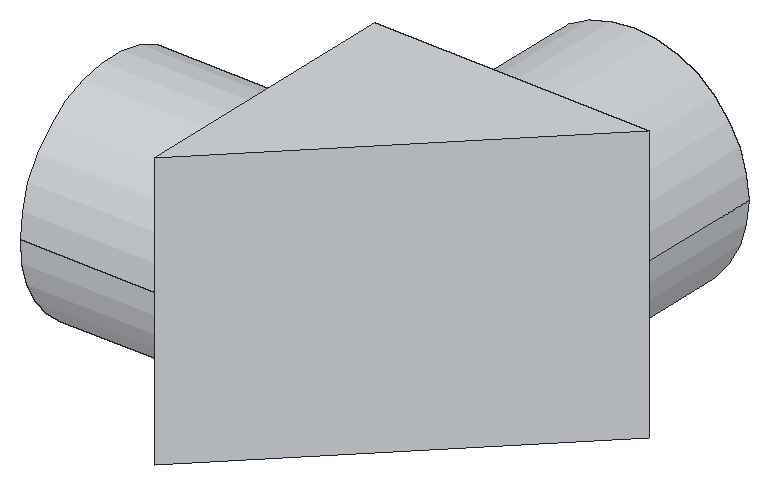
Revit family "f2c1e15bfb1a460bb15539b9372ec8c6", category Conduit Fittings, Revit 2021
Family settings
  Round Connector Dimension = Use Radius
  Part Type = Junction Box Elbow
  OmniClass Number = 23.80.30.17.11
  OmniClass Title = Conduits
  Work Plane-Based = No
  Always vertical = Yes
  Cut with Voids When Loaded = No
  Shared = No
Parameters (values of type "Standard")
  Nominal Radius [instance] = 1/4"
  Nominal Diameter [instance] = Nominal Radius * 2  # 1/2"
  Length 4 [instance] = Length 2 * cos(Angle)  # 0"
  Length 3 [instance] = Length 2 * sin(Angle)  # 1.296"
  Length 2 [instance] = Length 1 * 2  # 1.296"
  Length 1 [instance] = Fitting Outside Radius * 1.2  # 0.648"
  Fitting Outside Radius [instance] = Fitting Outside Diameter / 2  # 0.54"
  Fitting Outside Diameter [instance] = size_lookup(Conduit Size Lookup, "FOD", 1.06 * Nominal Diameter + 37/128", Nominal Diameter)  # 1.08"
  Default Elevation = 0' - 0"
  Conduit Size Lookup = "Conduit Pulling Elbow - PVC"
  Conduit Length [instance] = size_lookup(Conduit Size Lookup, "CLgt", 0.29 * Nominal Diameter + 91/128", Nominal Diameter)  # 0.719"
  Center to End [instance] = Conduit Length + Length 1 * tan(Angle / 2)  # 1.367"
  Angle [instance] = 90.00°
Reference planes (in)
  plane 1 "Center (Front/Back)": y = 0
  plane 2: z = 0
  plane 3 "Center (Left/Right)": x = 0
  plane 4: x = -1.367
  plane 5: x = -0.648
  plane 6: y = 0.648
  plane 7: y = -0.648
  plane 8: y = 0.648
  plane 9: x = 0.648
  plane 10: z = 0.648
  plane 11: z = -0.648
Forms (in)
  Extrusion 1, solid, detail levels fine
    sketch origin (0, 0, 0) x (1, 0, 0) y (0, 1, 0)
      loop
        line (-0.648, -0.648) -> (0.648, 0.648) -> (-0.648, 0.648) -> (-0.648, -0.648)
    from -0.648 to 0.648
  Sweep 2, solid, detail levels fine
    path in 3D
      loop
        line (-1.367, 0, 0) -> (-0.648, 0, 0)
    profile origin (-1.0075, 0, 0) x (0, 1, 0) y (0, 0, 1)
      loop
        circle (0, 0) r 0.54
  Sweep 3, solid, detail levels fine
    path in 3D
      loop
        line (0, 0.648, 0) -> (0, 1.367, 0)
    profile origin (0, 1.0075, 0) x (-1, 0, 0) y (0, 0, 1)
      loop
        circle (0, 0) r 0.54
Cuts and joins
  joined: Extrusion 1, Sweep 2, Sweep 3
Lines and regions (in)
  model lines, detail levels coarse+medium
    curve 1: line (-1.367, 0, 0) -> (-0.648, 0, 0)
    curve 3: arc (-0.648, 0, 0) -> (-0.18979, 0.18979, 0) -> (0, 0.648, 0) r 0.648
    curve 4: line (0, 0.648, 0) -> (0, 1.367, 0)
  sketch lines
    curve 2: line (-1.367, 0, 0) -> (-0.648, 0, 0)
    curve 5: line (0, 0.648, 0) -> (0, 1.367, 0)
Dimensions and locks (in)
  "Center to End": plane 4 to plane 3 "Center (Left/Right)"
  "Conduit Length": plane 4 to plane 5
  equal spacing: plane 6, plane 1 "Center (Front/Back)", plane 7
  "Length 1": plane 6 to plane 1 "Center (Front/Back)"
  "Length 4": plane 6 to plane 8
  "Length 3": plane 5 to plane 9
  "Length 2": Extrusion 1 sketch curve to Extrusion 1 sketch curve
  equal spacing: plane 10, plane 2, plane 11
  "Length 1": plane 10 to plane 2
  "Conduit Length": curve 4 to curve 4
  "Fitting Outside Radius": radius of Sweep 2 sketch curve
  "Length 1": radius of curve 3
  "Fitting Outside Radius": radius of Sweep 3 sketch curve
  "Angle": angle plane 5 to Extrusion 1 sketch curve
  "Angle": angle curve 3 to curve 3
  "Angle": angle plane 8 to curve 4
  aligned and locked: plane 4 to curve 1
  aligned and locked: plane 1 "Center (Front/Back)" to curve 1
  aligned and locked: plane 7 to Extrusion 1 sketch curve
  aligned and locked: plane 5 to Extrusion 1 sketch curve
  aligned and locked: plane 9 to Extrusion 1 sketch curve
  aligned and locked: plane 8 to Extrusion 1 sketch curve
  aligned and locked: plane 6 to Extrusion 1 sketch curve
  aligned and locked: Extrusion 1 sketch curve to plane 5
  aligned and locked: plane 11 to Extrusion 1
  aligned and locked: plane 10 to Extrusion 1
  aligned and locked: plane 6 to curve 3
  aligned and locked: plane 5 to curve 3  (x2)
Automatic sketch dimensions
  Sweep 2 sketch curve to profile plane = 0' - 0"  (x2)
  Sweep 3 sketch curve to profile plane = 0' - 0"  (x2)
Connectors (in)
  cabletrayconduit at (-1.367, 0, 0), diameter 0.5, driven by "Nominal Radius", driven by "Angle"
    settings: on cut or joined group of Extrusion 1, Sweep 2, Sweep 3, index 1, connector width 1' - 0", connector height 1' - 0", connector angle 90.00°, system type 32, placement type 0, profile type 0, connector reference index 2, is primary connector yes, connector utility param no, connector description ""
  cabletrayconduit at (0, 1.367, 0), diameter 0.5, driven by "Nominal Radius", driven by "Angle"
    settings: on cut or joined group of Extrusion 1, Sweep 2, Sweep 3, index 2, connector width 1' - 0", connector height 1' - 0", connector angle 90.00°, system type 32, placement type 0, profile type 0, connector reference index 1, is primary connector no, connector utility param no, connector description ""
